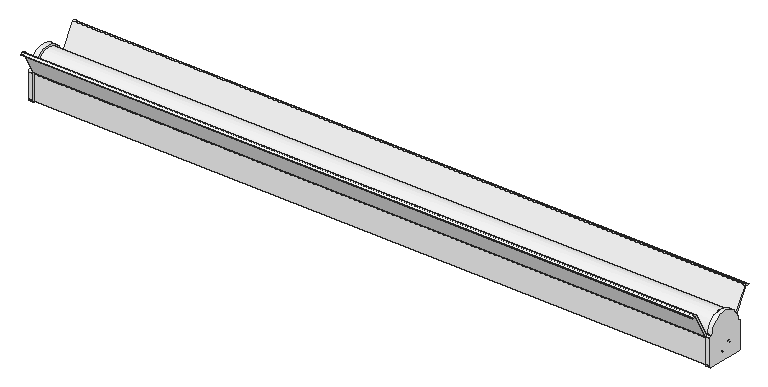
Revit family "0045212+0045233 Feilo Sylvania Lighting Fixture SYLBATTEN LED3 6000K DALI TP6 E3 with SYMMETRIC REFLECTOR ACCESSORY 1200MM", category Lighting Fixtures, host Face, Revit 2017
Family settings
  Host = Face
  Round Connector Dimension = Use Diameter
  Part Type = Normal
  OmniClass Number = 23.80.70.00
  OmniClass Title = Lighting
  Cut with Voids When Loaded = No
  Light Source = Yes
  Shared = No
  Room Calculation Point = No
Parameters (values of type "0045212 SYLBATTEN LED3 6000K DALI TP6 E3")
  Width_FEILO = 66 mm
  Weight = "3.1 kg"
  Wattage Comments = "n/a"
  Wattage = 28 W
  WarrantyStartDate [instance] = "n/a"
  WarrantyGuarantorParts = "n/a"
  WarrantyDurationUnit = "n/a"
  WarrantyDurationParts = "n/a"
  WarrantyDescription = "n/a"
  built-in parameter 1150110 = 1 (stored number, unit not read)
  Voltage = 230 V
  URL = "http://www.sylvania-lighting.com"
  TypeName = "SYLBATTEN LED3 6000K DALI TP6 E3"
  Type Image = <None>
  Type Comments = "n/a"
  built-in parameter 1114217 = 1 (stored number, unit not read)
  Tilt Angle = -90.00°
  built-in parameter 1150109 = 1 (stored number, unit not read)
  built-in parameter 1150134 = 5
  SymReflector_FEILO = yes
  built-in parameter 1150113 = 1 (stored number, unit not read)
  SerialNumber [instance] = "n/a"
  PowerFactor = 0
  PowerConsumption = "28 W"
  Photometric Web File = "0045212+0045233.ies"
  NominalLength = 1205 mm
  NominalHeight = 76 mm
  NominalDepth = 66 mm
  Name = "SYLBATTEN LED3 6000K DALI TP6 E3"
  ModelReference = Name  # "SYLBATTEN LED3 6000K DALI TP6 E3"
  ModelNumber = "0045212"
  Model = Name  # "SYLBATTEN LED3 6000K DALI TP6 E3"
  Material_4_FEILO = Reflector-Sylvania-Sylbatten-White
  Material_3_FEILO = Diffuser-Sylvania-Sylbatten-Glow
  Material_2_FEILO = Body-Sylvania-Sylbatten-White
  Material_1_FEILO = Body-Sylvania-Sylbatten-White
  Material = "sheet steel housing, polycarbonate diffuser"
  ManufacturerName = "Feilo Sylvania"
  Manufacturer = "Feilo Sylvania"
  LuminousEfficacy = "104.9 lm/W"
  built-in parameter 1150105 = 233.78 (stored number, unit not read)
  Lumens = 2937.76 lm
  LuminaireType = ""
  built-in parameter 1150115 = 1 (stored number, unit not read)
  LightOutputRatio = "100"
  built-in parameter 1150137 = (empty or 0)
  built-in parameter 1150139 = (empty or 0)
  Length_FEILO = 1205 mm
  LampsType = Lamp  # "LED"
  LampNominalLuminous = "2938 lm"
  LampMacAdamStep = "n/a"
  LampColourTemperature = "6000 K"
  LampColourRenderingIndex = "80"
  built-in parameter 1150112 = 1 (stored number, unit not read)
  built-in parameter 1150114 = 1 (stored number, unit not read)
  Lamp = "LED"
  Keynote = "16500"
  InstallationDate [instance] = "n/a"
  InputVoltage = "220-240V~"
  InputNominalFrequency = "n/a"
  built-in parameter 1150132 = (empty or 0)
  built-in parameter 1150102 = (empty or 0)
  built-in parameter 1150107 = 6000 (stored number, unit not read)
  built-in parameter 1150138 = (empty or 0)
  IngressProtection = "IP20"
  ImpactProtectionIndex = "IK07"
  built-in parameter 1150106 = 2.3378 (stored number, unit not read)
  IfcExportType = "IfcLightFixtureType"
  IfcExportAs = "IfcLightFixtureType"
  Height_FEILO = 76 mm
  ExpectedLife = 50000
  Emit from Rectangle Width = Length_FEILO - 16 mm  # 1189 mm
  Emit from Rectangle Length = Width_FEILO - 40 mm  # 26 mm
  Emit Shape Visible in Rendering = no
  ElectricShockClassification = "Class I"
  built-in parameter 1150104 = 9.7474 (stored number, unit not read)
  DurationUnit = "hours"
  DocumentationLiterature = "http://www.sylvania-lighting.com/product/en-int/products/0045212"
  DimmingControlOptions = "Dimmable"
  Dimming Lamp Color Temperature Shift = <None>
  Description = "LED batten, T8 replacement, ease of installation through 2 part push-in design of the housing (safety cable included), through wiring capability (TP6 = 6 core), sheet steel, 2938LM, 26W, 113lm/W, 6000K, drive current: 350mA, CRI 80, 138° wide beam angle, DALI dimmable, integral 3 hour maintained emergency, IP20, IK07, 50,000 hrs (L70), (LxWxH) 1205x66x76mm, 5 step MacAdam ellipse, 3kg, white RAL 9016, Class 1, 220-240V, energy class: A++, A+, A."
  Default Elevation = 1219.2 mm
  CreatedOn = "2/22/2018"
  CreatedBy = ""
  Cost = 0
  Color Filter = 16777215
  built-in parameter 1114216 [instance] = (empty or 0)
  ClassificationValue = "EF_70_80"
  ClassificationName = "Uniclass2015"
  CapOffset_FEILO = 2 mm
  BarCode [instance] = "n/a"
  built-in parameter 1114218 = 1 (stored number, unit not read)
  BackReflector_FEILO = and(not(AsymReflector_FEILO), SymReflector_FEILO)  # yes
  built-in parameter 1150133 = 10 (stored number, unit not read)
  FrontReflector_FEILO = or(AsymReflector_FEILO, SymReflector_FEILO)  # yes
  AsymReflector_FEILO = no
  AssetType = "Fixed"
  AssetIdentifier [instance] = "n/a"
  Assembly Code = "D5020200"
  Apparent Load = 28 VA
Reference planes
  plane 1 "Center (Front/Back)": y = 0
  plane 2: z = 0
  plane 3 "Center (Left/Right)": x = 0
  plane 4: x = 602.5
  plane 5: x = -602.5
  plane 6: y = 33
  plane 7: y = -33
  plane 8: z = 76
  plane 9: z = 47
  plane 10: y = -29
  plane 11: y = 29
  plane 12: z = 20
  plane 13: z = 74
  plane 14: y = -31
  plane 15: y = -27
  plane 16: y = 27
  plane 17: y = 31
  plane 18: z = 2
  plane 19: x = -594.5
  plane 20: x = 594.5
  plane 21: z = 49
  plane 22: y = 1
  plane 23: y = -1
  plane 24: z = 21
  plane 25: z = 19
  plane 26: y = -61
  plane 27: y = 61
  plane 28: y = -56
  plane 29: y = 56
  plane 30: z = 91
  plane 31: z = 88
Forms (mm)
  Extrusion 1, solid, material "Body-Sylvania-Sylbatten-White" <- "Material_2_FEILO"
    sketch origin (0, 0, 0) x (0, 1, 0) y (0, 0, 1)
      loop
        line (-31, 2) -> (31, 2) -> (31, 45)
        arc (31, 45) -> (30.414, 46.414) -> (29, 47) r 2
        line (29, 47) -> (27, 47)
        arc (27, 47) -> (0, 74) -> (-27, 47) r 27
        line (-27, 47) -> (-29, 47)
        arc (-29, 47) -> (-30.414, 46.414) -> (-31, 45) r 2
        line (-31, 45) -> (-31, 2)
    from -594.5 to 594.5
  Extrusion 2, solid, material "Body-Sylvania-Sylbatten-White" <- "Material_2_FEILO"
    sketch origin (602.5, 1524, 1219.2) x (0, 1, 0) y (0, 0, 1)
      loop
        arc (-1494, -1219.2) -> (-1491.879, -1218.321) -> (-1491, -1216.2) r 3
        line (-1491, -1216.2) -> (-1491, -1173.2)
        arc (-1491, -1173.2) -> (-1491.879, -1171.079) -> (-1494, -1170.2) r 3
        line (-1494, -1170.2) -> (-1495.069, -1170.2)
        arc (-1495.069, -1170.2) -> (-1524, -1143.2) -> (-1552.931, -1170.2) r 29
        line (-1552.931, -1170.2) -> (-1554, -1170.2)
        arc (-1554, -1170.2) -> (-1556.121, -1171.079) -> (-1557, -1173.2) r 3
        line (-1557, -1173.2) -> (-1557, -1216.2)
        arc (-1557, -1216.2) -> (-1556.121, -1218.321) -> (-1554, -1219.2) r 3
        line (-1554, -1219.2) -> (-1494, -1219.2)
      loop
        arc (-1525, -1189.25) -> (-1531.071, -1192.129) -> (-1533.95, -1198.2) r 10
        line (-1533.95, -1198.2) -> (-1532.944, -1198.2)
        arc (-1532.944, -1198.2) -> (-1530.364, -1192.836) -> (-1525, -1190.256) r 9
        line (-1525, -1190.256) -> (-1525, -1189.25)
      loop
        arc (-1523, -1190.256) -> (-1517.636, -1192.836) -> (-1515.056, -1198.2) r 9
        line (-1515.056, -1198.2) -> (-1514.05, -1198.2)
        arc (-1514.05, -1198.2) -> (-1516.929, -1192.129) -> (-1523, -1189.25) r 10
        line (-1523, -1189.25) -> (-1523, -1190.256)
      loop
        line (-1532.944, -1200.2) -> (-1533.95, -1200.2)
        arc (-1533.95, -1200.2) -> (-1531.071, -1206.271) -> (-1525, -1209.15) r 10
        line (-1525, -1209.15) -> (-1525, -1208.144)
        arc (-1525, -1208.144) -> (-1530.364, -1205.564) -> (-1532.944, -1200.2) r 9
      loop
        arc (-1515.056, -1200.2) -> (-1517.636, -1205.564) -> (-1523, -1208.144) r 9
        line (-1523, -1208.144) -> (-1523, -1209.15)
        arc (-1523, -1209.15) -> (-1516.929, -1206.271) -> (-1514.05, -1200.2) r 10
        line (-1514.05, -1200.2) -> (-1515.056, -1200.2)
    from 0 to -8
  Extrusion 3, solid, material "Body-Sylvania-Sylbatten-White" <- "Material_2_FEILO"
    sketch origin (-602.5, 1524, 1219.2) x (0, 1, 0) y (0, 0, 1)
      loop
        arc (-1495.069, -1170.2) -> (-1524, -1143.2) -> (-1552.931, -1170.2) r 29
        line (-1552.931, -1170.2) -> (-1554, -1170.2)
        arc (-1554, -1170.2) -> (-1556.121, -1171.079) -> (-1557, -1173.2) r 3
        line (-1557, -1173.2) -> (-1557, -1216.2)
        arc (-1557, -1216.2) -> (-1556.121, -1218.321) -> (-1554, -1219.2) r 3
        line (-1554, -1219.2) -> (-1494, -1219.2)
        arc (-1494, -1219.2) -> (-1491.879, -1218.321) -> (-1491, -1216.2) r 3
        line (-1491, -1216.2) -> (-1491, -1173.2)
        arc (-1491, -1173.2) -> (-1491.879, -1171.079) -> (-1494, -1170.2) r 3
        line (-1494, -1170.2) -> (-1495.069, -1170.2)
      loop
        line (-1533.95, -1198.2) -> (-1532.944, -1198.2)
        arc (-1532.944, -1198.2) -> (-1530.364, -1192.836) -> (-1525, -1190.256) r 9
        line (-1525, -1190.256) -> (-1525, -1189.25)
        arc (-1525, -1189.25) -> (-1531.071, -1192.129) -> (-1533.95, -1198.2) r 10
      loop
        line (-1523, -1189.25) -> (-1523, -1190.256)
        arc (-1523, -1190.256) -> (-1517.636, -1192.836) -> (-1515.056, -1198.2) r 9
        line (-1515.056, -1198.2) -> (-1514.05, -1198.2)
        arc (-1514.05, -1198.2) -> (-1516.929, -1192.129) -> (-1523, -1189.25) r 10
      loop
        line (-1514.05, -1200.2) -> (-1515.056, -1200.2)
        arc (-1515.056, -1200.2) -> (-1517.636, -1205.564) -> (-1523, -1208.144) r 9
        line (-1523, -1208.144) -> (-1523, -1209.15)
        arc (-1523, -1209.15) -> (-1516.929, -1206.271) -> (-1514.05, -1200.2) r 10
      loop
        line (-1525, -1209.15) -> (-1525, -1208.144)
        arc (-1525, -1208.144) -> (-1530.364, -1205.564) -> (-1532.944, -1200.2) r 9
        line (-1532.944, -1200.2) -> (-1533.95, -1200.2)
        arc (-1533.95, -1200.2) -> (-1531.071, -1206.271) -> (-1525, -1209.15) r 10
    from 0 to 8
  Extrusion 4, solid, material "Reflector-Sylvania-Sylbatten-White" <- "Material_4_FEILO", visible <- "FrontReflector_FEILO"
    sketch origin (0, 0, 0) x (0, 1, 0) y (0, 0, 1)
      loop
        line (-61.257, 88.429) -> (-60.743, 87.571) -> (-56.621, 90.044)
        arc (-56.621, 90.044) -> (-56.237, 90.099) -> (-55.929, 89.863) r 0.5
        line (-55.929, 89.863) -> (-31.435, 46.753) -> (-30.565, 47.247) -> (-55.312, 90.802)
        arc (-55.312, 90.802) -> (-55.928, 91.275) -> (-56.696, 91.165) r 1
        line (-56.696, 91.165) -> (-61.257, 88.429)
    from -594.5 to 594.5
  Extrusion 5, solid, material "Reflector-Sylvania-Sylbatten-White" <- "Material_4_FEILO", visible <- "BackReflector_FEILO"
    sketch origin (0, 0, 0) x (0, 1, 0) y (0, 0, 1)
      loop
        line (30.565, 47.247) -> (31.435, 46.753) -> (55.932, 89.868)
        arc (55.932, 89.868) -> (56.245, 90.112) -> (56.638, 90.062) r 0.518
        line (56.638, 90.062) -> (61.033, 87.565) -> (61.527, 88.435) -> (56.682, 91.188)
        arc (56.682, 91.188) -> (55.922, 91.282) -> (55.318, 90.812) r 1
        line (55.318, 90.812) -> (30.565, 47.247)
    from -594.5 to 594.5
Lines and regions (mm)
  reference lines
    curve 1: line (0, -61, 88) -> (0, -56, 91)
    curve 2: line (0, -56, 91) -> (0, -31, 47)
    curve 3: line (0, 31, 47) -> (0, 56, 91)
    curve 4: line (0, 56, 91) -> (0, 61.28, 88)
Dimensions and locks
  equal spacing: plane 5, plane 3 "Center (Left/Right)", plane 4
  equal spacing: plane 7, plane 1 "Center (Front/Back)", plane 6
  "Width_FEILO": plane 7 to plane 6
  "Length_FEILO": plane 5 to plane 4
  "Height_FEILO": plane 8 to plane 2
  locked: plane 9 to plane 8 at 29
  equal spacing: plane 10, plane 1 "Center (Front/Back)", plane 11
  locked: plane 7 to plane 10 at 4
  locked: plane 12 to plane 2 at 20
  "CapOffset_FEILO": plane 13 to plane 8
  "CapOffset_FEILO": plane 7 to plane 14
  "CapOffset_FEILO": plane 10 to plane 15
  "CapOffset_FEILO": plane 17 to plane 6
  "CapOffset_FEILO": plane 16 to plane 11
  "CapOffset_FEILO": plane 18 to plane 2
  locked: plane 14 to Extrusion 1 sketch curve at 2
  locked: Extrusion 1 sketch curve to plane 9 at 2  (x2)
  locked: plane 16 to Extrusion 1 sketch curve at 2
  equal spacing: plane 19, plane 3 "Center (Left/Right)", plane 20
  locked: plane 5 to plane 19 at 8
  "CapOffset_FEILO": plane 9 to plane 21
  locked: Extrusion 2 sketch curve to plane 2 at 47
  locked: Extrusion 1 sketch curve to plane 2 at 47
  locked: Extrusion 2 sketch curve to plane 2 at 3  (x2)
  locked: plane 7 to Extrusion 2 sketch curve at 3  (x2)
  locked: Extrusion 2 sketch curve to plane 6 at 3  (x2)
  locked: Extrusion 2 sketch curve to plane 21 at 3  (x2)
  equal spacing: plane 23, plane 1 "Center (Front/Back)", plane 22
  equal spacing: plane 25, plane 12, plane 24
  plane 30 to plane 31 to plane 2 = 3 mm locked, 88 mm locked
  plane 28 to plane 29 = 112 mm
  plane 26 to plane 27 = 122 mm
  aligned and locked: plane 2 to host face
  aligned and locked: level to host face
  aligned and locked: plane 18 to Extrusion 1 sketch curve
  aligned and locked: plane 14 to Extrusion 1 sketch curve
  aligned and locked: Extrusion 1 sketch curve to plane 9  (x2)
  aligned and locked: Extrusion 1 sketch curve to plane 17
  aligned and locked: plane 15 to Extrusion 1 sketch curve
  aligned and locked: plane 16 to Extrusion 1 sketch curve
  aligned and locked: plane 9 to Extrusion 1 sketch curve
  aligned and locked: plane 20 to Extrusion 1
  aligned and locked: level to Extrusion 2 sketch curve
  aligned and locked: Extrusion 2 sketch curve to plane 7
  aligned and locked: plane 21 to Extrusion 2 sketch curve
  aligned and locked: Extrusion 2 sketch curve to plane 21
  aligned and locked: plane 1 "Center (Front/Back)" to Extrusion 2 sketch curve  (x3)
  aligned and locked: Extrusion 2 to Extrusion 1
  aligned and locked: plane 4 to Extrusion 2
  aligned and locked: plane 12 to Extrusion 2 sketch curve  (x2)
  aligned and locked: Extrusion 2 sketch curve to plane 22
  aligned and locked: Extrusion 2 sketch curve to plane 23
  aligned and locked: Extrusion 2 sketch curve to plane 24
  aligned and locked: Extrusion 2 sketch curve to plane 25
  aligned and locked: plane 25 to Extrusion 2 sketch curve
  aligned and locked: plane 22 to Extrusion 2 sketch curve
  aligned and locked: plane 24 to Extrusion 2 sketch curve
  aligned and locked: plane 23 to Extrusion 2 sketch curve  (x2)
  aligned and locked: Extrusion 3 sketch curve to Extrusion 2  (x22)
  aligned and locked: Extrusion 3 to Extrusion 1
  aligned and locked: Extrusion 3 to plane 5
  aligned and locked: plane 19 to Extrusion 3
  aligned and locked: plane 31 to curve 1
  aligned and locked: plane 30 to curve 1
  aligned and locked: plane 14 to curve 2
  aligned and locked: plane 9 to curve 2
  aligned and locked: plane 17 to curve 3
  aligned and locked: plane 30 to curve 3
  aligned and locked: plane 31 to curve 4
  aligned and locked: Extrusion 4 sketch curve to curve 2
  aligned and locked: Extrusion 4 sketch curve to curve 1
  aligned and locked: Extrusion 4 to Extrusion 1
  aligned and locked: Extrusion 1 to Extrusion 4
  aligned and locked: imposter light to plane 1 "Center (Front/Back)"
  aligned and locked: imposter light to plane 3 "Center (Left/Right)"
  aligned and locked: imposter light to plane 13
  aligned and locked: Extrusion 5 sketch curve to curve 4
  aligned and locked: Extrusion 5 sketch curve to curve 3
  aligned and locked: Extrusion 1 to Extrusion 5
  aligned and locked: Extrusion 5 to Extrusion 1
Automatic sketch dimensions
  host sketch curve to host sketch curve = 2438.4 mm  (x2)
  Extrusion 2 sketch curve to Extrusion 2 sketch curve = 0 mm  (x14)
  Extrusion 2 sketch curve to plane 10 = 0.069 mm
  plane 23 to Extrusion 2 sketch curve = 8.95 mm
  Extrusion 2 sketch curve to Extrusion 2 sketch curve = 1.006 mm  (x4)
  Extrusion 2 sketch curve to plane 22 = 7.944 mm
  curve 1 to plane 26 = 0 mm
  curve 2 to plane 28 = 0 mm
  curve 4 to plane 29 = 0 mm
  plane 9 to curve 3 = 0 mm
  plane 26 to Extrusion 4 sketch curve = 0.257 mm
  Extrusion 4 sketch curve to plane 26 = 0.257 mm
  Extrusion 4 sketch curve to plane 30 = 0.165 mm
  plane 28 to Extrusion 4 sketch curve = 0.696 mm
  plane 28 to Extrusion 4 sketch curve = 0.621 mm
  plane 28 to Extrusion 4 sketch curve = 0.364 mm
  plane 28 to Extrusion 4 sketch curve = 0.182 mm
  Extrusion 4 sketch curve to plane 28 = 0.071 mm
  plane 30 to Extrusion 4 sketch curve = 0.198 mm
  Extrusion 4 sketch curve to plane 28 = 0.688 mm
  plane 9 to Extrusion 4 sketch curve = 0.247 mm
  plane 1 "Center (Front/Back)" to Extrusion 4 sketch curve = 31.435 mm
  Extrusion 5 sketch curve to plane 9 = 0.247 mm
  Extrusion 5 sketch curve to plane 1 "Center (Front/Back)" = 30.565 mm
  plane 9 to Extrusion 5 sketch curve = 0.247 mm
  plane 30 to Extrusion 5 sketch curve = 0.188 mm
  plane 29 to Extrusion 5 sketch curve = 0.068 mm
  Extrusion 5 sketch curve to plane 29 = 0.188 mm
  Extrusion 5 sketch curve to plane 29 = 0.382 mm
  Extrusion 5 sketch curve to Extrusion 5 sketch curve = 0.256 mm
  Extrusion 5 sketch curve to plane 30 = 0.188 mm
  Extrusion 5 sketch curve to plane 29 = 0.682 mm
  Extrusion 5 sketch curve to plane 27 = 0.033 mm
  Extrusion 5 sketch curve to plane 27 = 0.527 mm
Connectors
  electrical at (0, 0, 0), driven by "Apparent Load", driven by "PowerFactor", driven by "Voltage"
    settings: index 1, voltage 230 V, apparent load 28 VA, apparent load phase1 0 VA, apparent load phase2 0 VA, apparent load phase3 0 VA, power factor 0, load classification "Lighting", number of poles 1, system type 30, power factor state 1, is connector primary yes, connector utility no, sub classification motor no, connector description ""
